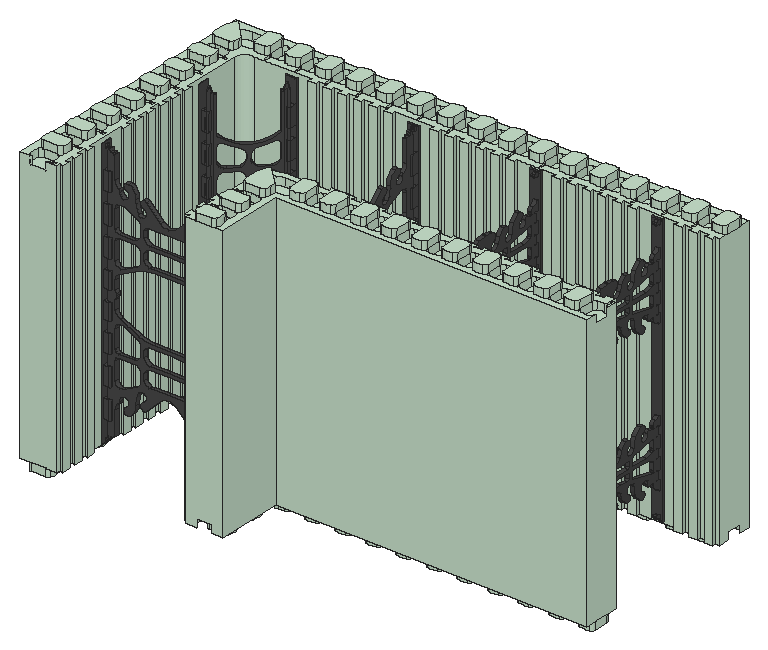
Revit family (continued)
Forms (in)
  Extrusion 50, void
    sketch origin (5, 1, 0) x (-1, 0, 0) y (0, -1, 0)
      loop
        line (-2, -3.97692) -> (-2, -4.89808)
        arc (-2, -4.89808) -> (-1.95215, -5.04517) -> (-1.82692, -5.13595) r 0.25
    from 0 to 0.5
  Extrusion 51, void
    sketch origin (7, 1, 0) x (-1, 0, 0) y (0, -1, 0)
      loop
        arc (-1.82692, -5.13595) -> (-1.5, -5.1875) -> (-1.17308, -5.13595) r 1.0625
        arc (-1.17308, -5.13595) -> (-1.04785, -5.04517) -> (-1, -4.89808) r 0.25
        line (-1, -4.89808) -> (-1, -3.97692)
        arc (-1, -3.97692) -> (-1.04785, -3.82983) -> (-1.17308, -3.73905) r 0.25
        arc (-1.17308, -3.73905) -> (-1.42092, -3.69045) -> (-1.67323, -3.70172) r 1.0625
        arc (-1.67323, -3.70172) -> (-1.72385, -3.68771) -> (-1.74592, -3.64005) r 0.0625
        line (-1.74592, -3.64005) -> (-1.74592, -3.41845) -> (-1.91675, -3.41845) -> (-1.91675, -3.76455)
        arc (-1.91675, -3.76455) -> (-1.92106, -3.78736) -> (-1.9334, -3.80702) r 0.0625
        arc (-1.9334, -3.80702) -> (-1.98276, -3.88568) -> (-2, -3.97692) r 0.25
        line (-2, -3.97692) -> (-2, -4.89808)
        arc (-2, -4.89808) -> (-1.95215, -5.04517) -> (-1.82692, -5.13595) r 0.25
    from 0 to 0.5
  Extrusion 52, void
    sketch origin (9, 1, 0) x (-1, 0, 0) y (0, -1, 0)
      loop
        arc (-1.82692, -5.13595) -> (-1.5, -5.1875) -> (-1.17308, -5.13595) r 1.0625
        arc (-1.17308, -5.13595) -> (-1.04785, -5.04517) -> (-1, -4.89808) r 0.25
        line (-1, -4.89808) -> (-1, -3.97692)
        arc (-1, -3.97692) -> (-1.04785, -3.82983) -> (-1.17308, -3.73905) r 0.25
        arc (-1.17308, -3.73905) -> (-1.42092, -3.69045) -> (-1.67323, -3.70172) r 1.0625
        arc (-1.67323, -3.70172) -> (-1.72385, -3.68771) -> (-1.74592, -3.64005) r 0.0625
        line (-1.74592, -3.64005) -> (-1.74592, -3.41845) -> (-1.91675, -3.41845) -> (-1.91675, -3.76455)
        arc (-1.91675, -3.76455) -> (-1.92106, -3.78736) -> (-1.9334, -3.80702) r 0.0625
        arc (-1.9334, -3.80702) -> (-1.98276, -3.88568) -> (-2, -3.97692) r 0.25
        line (-2, -3.97692) -> (-2, -4.89808)
        arc (-2, -4.89808) -> (-1.95215, -5.04517) -> (-1.82692, -5.13595) r 0.25
    from 0 to 0.5
  Extrusion 53, void
    sketch origin (11, 1, 0) x (-1, 0, 0) y (0, -1, 0)
      loop
        arc (-1.82692, -5.13595) -> (-1.5, -5.1875) -> (-1.17308, -5.13595) r 1.0625
        arc (-1.17308, -5.13595) -> (-1.04785, -5.04517) -> (-1, -4.89808) r 0.25
        line (-1, -4.89808) -> (-1, -3.97692)
        arc (-1, -3.97692) -> (-1.04785, -3.82983) -> (-1.17308, -3.73905) r 0.25
        arc (-1.17308, -3.73905) -> (-1.42092, -3.69045) -> (-1.67323, -3.70172) r 1.0625
        arc (-1.67323, -3.70172) -> (-1.72385, -3.68771) -> (-1.74592, -3.64005) r 0.0625
        line (-1.74592, -3.64005) -> (-1.74592, -3.41845) -> (-1.91675, -3.41845) -> (-1.91675, -3.76455)
        arc (-1.91675, -3.76455) -> (-1.92106, -3.78736) -> (-1.9334, -3.80702) r 0.0625
        arc (-1.9334, -3.80702) -> (-1.98276, -3.88568) -> (-2, -3.97692) r 0.25
        line (-2, -3.97692) -> (-2, -4.89808)
        arc (-2, -4.89808) -> (-1.95215, -5.04517) -> (-1.82692, -5.13595) r 0.25
    from 0 to 0.5
  Extrusion 54, void
    sketch origin (13, 1, 0) x (-1, 0, 0) y (0, -1, 0)
      loop
        arc (-1.82692, -5.13595) -> (-1.5, -5.1875) -> (-1.17308, -5.13595) r 1.0625
        arc (-1.17308, -5.13595) -> (-1.04785, -5.04517) -> (-1, -4.89808) r 0.25
        line (-1, -4.89808) -> (-1, -3.97692)
        arc (-1, -3.97692) -> (-1.04785, -3.82983) -> (-1.17308, -3.73905) r 0.25
        arc (-1.17308, -3.73905) -> (-1.42092, -3.69045) -> (-1.67323, -3.70172) r 1.0625
        arc (-1.67323, -3.70172) -> (-1.72385, -3.68771) -> (-1.74592, -3.64005) r 0.0625
        line (-1.74592, -3.64005) -> (-1.74592, -3.41845) -> (-1.91675, -3.41845) -> (-1.91675, -3.76455)
        arc (-1.91675, -3.76455) -> (-1.92106, -3.78736) -> (-1.9334, -3.80702) r 0.0625
        arc (-1.9334, -3.80702) -> (-1.98276, -3.88568) -> (-2, -3.97692) r 0.25
        line (-2, -3.97692) -> (-2, -4.89808)
        arc (-2, -4.89808) -> (-1.95215, -5.04517) -> (-1.82692, -5.13595) r 0.25
    from 0 to 0.5
  Extrusion 55, void
    sketch origin (15, 1, 0) x (-1, 0, 0) y (0, -1, 0)
      loop
        arc (-1.82692, -5.13595) -> (-1.5, -5.1875) -> (-1.17308, -5.13595) r 1.0625
        arc (-1.17308, -5.13595) -> (-1.04785, -5.04517) -> (-1, -4.89808) r 0.25
        line (-1, -4.89808) -> (-1, -3.97692)
        arc (-1, -3.97692) -> (-1.04785, -3.82983) -> (-1.17308, -3.73905) r 0.25
        arc (-1.17308, -3.73905) -> (-1.42092, -3.69045) -> (-1.67323, -3.70172) r 1.0625
        arc (-1.67323, -3.70172) -> (-1.72385, -3.68771) -> (-1.74592, -3.64005) r 0.0625
        line (-1.74592, -3.64005) -> (-1.74592, -3.41845) -> (-1.91675, -3.41845) -> (-1.91675, -3.76455)
        arc (-1.91675, -3.76455) -> (-1.92106, -3.78736) -> (-1.9334, -3.80702) r 0.0625
        arc (-1.9334, -3.80702) -> (-1.98276, -3.88568) -> (-2, -3.97692) r 0.25
        line (-2, -3.97692) -> (-2, -4.89808)
        arc (-2, -4.89808) -> (-1.95215, -5.04517) -> (-1.82692, -5.13595) r 0.25
    from 0 to 0.5
  Extrusion 56, void
    sketch origin (17, 1, 0) x (-1, 0, 0) y (0, -1, 0)
      loop
        arc (-1.82692, -5.13595) -> (-1.5, -5.1875) -> (-1.17308, -5.13595) r 1.0625
        arc (-1.17308, -5.13595) -> (-1.04785, -5.04517) -> (-1, -4.89808) r 0.25
        line (-1, -4.89808) -> (-1, -3.97692)
        arc (-1, -3.97692) -> (-1.04785, -3.82983) -> (-1.17308, -3.73905) r 0.25
        arc (-1.17308, -3.73905) -> (-1.42092, -3.69045) -> (-1.67323, -3.70172) r 1.0625
        arc (-1.67323, -3.70172) -> (-1.72385, -3.68771) -> (-1.74592, -3.64005) r 0.0625
        line (-1.74592, -3.64005) -> (-1.74592, -3.41845) -> (-1.91675, -3.41845) -> (-1.91675, -3.76455)
        arc (-1.91675, -3.76455) -> (-1.92106, -3.78736) -> (-1.9334, -3.80702) r 0.0625
        arc (-1.9334, -3.80702) -> (-1.98276, -3.88568) -> (-2, -3.97692) r 0.25
        line (-2, -3.97692) -> (-2, -4.89808)
        arc (-2, -4.89808) -> (-1.95215, -5.04517) -> (-1.82692, -5.13595) r 0.25
    from 0 to 0.5
  Extrusion 57, void
    sketch origin (19, 1, 0) x (-1, 0, 0) y (0, -1, 0)
      loop
        arc (-1.82692, -5.13595) -> (-1.5, -5.1875) -> (-1.17308, -5.13595) r 1.0625
        arc (-1.17308, -5.13595) -> (-1.04785, -5.04517) -> (-1, -4.89808) r 0.25
        line (-1, -4.89808) -> (-1, -3.97692)
        arc (-1, -3.97692) -> (-1.04785, -3.82983) -> (-1.17308, -3.73905) r 0.25
        arc (-1.17308, -3.73905) -> (-1.42092, -3.69045) -> (-1.67323, -3.70172) r 1.0625
        arc (-1.67323, -3.70172) -> (-1.72385, -3.68771) -> (-1.74592, -3.64005) r 0.0625
        line (-1.74592, -3.64005) -> (-1.74592, -3.41845) -> (-1.91675, -3.41845) -> (-1.91675, -3.76455)
        arc (-1.91675, -3.76455) -> (-1.92106, -3.78736) -> (-1.9334, -3.80702) r 0.0625
        arc (-1.9334, -3.80702) -> (-1.98276, -3.88568) -> (-2, -3.97692) r 0.25
        line (-2, -3.97692) -> (-2, -4.89808)
        arc (-2, -4.89808) -> (-1.95215, -5.04517) -> (-1.82692, -5.13595) r 0.25
    from 0 to 0.5
  Extrusion 58, void
    sketch origin (21, 1, 0) x (-1, 0, 0) y (0, -1, 0)
      loop
        arc (-1.82692, -5.13595) -> (-1.5, -5.1875) -> (-1.17308, -5.13595) r 1.0625
        arc (-1.17308, -5.13595) -> (-1.04785, -5.04517) -> (-1, -4.89808) r 0.25
        line (-1, -4.89808) -> (-1, -3.97692)
        arc (-1, -3.97692) -> (-1.04785, -3.82983) -> (-1.17308, -3.73905) r 0.25
        arc (-1.17308, -3.73905) -> (-1.42092, -3.69045) -> (-1.67323, -3.70172) r 1.0625
        arc (-1.67323, -3.70172) -> (-1.72385, -3.68771) -> (-1.74592, -3.64005) r 0.0625
        line (-1.74592, -3.64005) -> (-1.74592, -3.41845) -> (-1.91675, -3.41845) -> (-1.91675, -3.76455)
        arc (-1.91675, -3.76455) -> (-1.92106, -3.78736) -> (-1.9334, -3.80702) r 0.0625
        arc (-1.9334, -3.80702) -> (-1.98276, -3.88568) -> (-2, -3.97692) r 0.25
        line (-2, -3.97692) -> (-2, -4.89808)
        arc (-2, -4.89808) -> (-1.95215, -5.04517) -> (-1.82692, -5.13595) r 0.25
    from 0 to 0.5
  Extrusion 59, void
    sketch origin (23, 1, 0) x (-1, 0, 0) y (0, -1, 0)
      loop
        arc (-1.82692, -5.13595) -> (-1.5, -5.1875) -> (-1.17308, -5.13595) r 1.0625
        arc (-1.17308, -5.13595) -> (-1.04785, -5.04517) -> (-1, -4.89808) r 0.25
        line (-1, -4.89808) -> (-1, -3.97692)
        arc (-1, -3.97692) -> (-1.04785, -3.82983) -> (-1.17308, -3.73905) r 0.25
        arc (-1.17308, -3.73905) -> (-1.42092, -3.69045) -> (-1.67323, -3.70172) r 1.0625
        arc (-1.67323, -3.70172) -> (-1.72385, -3.68771) -> (-1.74592, -3.64005) r 0.0625
        line (-1.74592, -3.64005) -> (-1.74592, -3.41845) -> (-1.91675, -3.41845) -> (-1.91675, -3.76455)
        arc (-1.91675, -3.76455) -> (-1.92106, -3.78736) -> (-1.9334, -3.80702) r 0.0625
        arc (-1.9334, -3.80702) -> (-1.98276, -3.88568) -> (-2, -3.97692) r 0.25
        line (-2, -3.97692) -> (-2, -4.89808)
        arc (-2, -4.89808) -> (-1.95215, -5.04517) -> (-1.82692, -5.13595) r 0.25
    from 0 to 0.5
  Extrusion 60, void
    sketch origin (1, -19, 0) x (1, 0, 0) y (0, 1, 0)
      loop
        arc (3.97692, 9) -> (3.82983, 8.95215) -> (3.73905, 8.82692) r 0.25
        arc (3.73905, 8.82692) -> (3.69045, 8.57908) -> (3.70172, 8.32677) r 1.0625
        arc (3.70172, 8.32677) -> (3.68771, 8.27615) -> (3.64005, 8.25408) r 0.0625
        line (3.64005, 8.25408) -> (3.41845, 8.25408) -> (3.41845, 8.08325) -> (3.76455, 8.08325)
        arc (3.76455, 8.08325) -> (3.78736, 8.07894) -> (3.80702, 8.0666) r 0.0625
        arc (3.80702, 8.0666) -> (3.88568, 8.01724) -> (3.97692, 8) r 0.25
        line (3.97692, 8) -> (4.89808, 8)
        arc (4.89808, 8) -> (5.04517, 8.04785) -> (5.13595, 8.17308) r 0.25
        arc (5.13595, 8.17308) -> (5.1875, 8.5) -> (5.13595, 8.82692) r 1.0625
        arc (5.13595, 8.82692) -> (5.04517, 8.95215) -> (4.89808, 9) r 0.25
        line (4.89808, 9) -> (3.97692, 9)
    from 0 to 0.5
  Extrusion 61, void
    sketch origin (1, -17, 0) x (1, 0, 0) y (0, 1, 0)
      loop
        arc (3.97692, 9) -> (3.82983, 8.95215) -> (3.73905, 8.82692) r 0.25
        arc (3.73905, 8.82692) -> (3.69045, 8.57908) -> (3.70172, 8.32677) r 1.0625
        arc (3.70172, 8.32677) -> (3.68771, 8.27615) -> (3.64005, 8.25408) r 0.0625
        line (3.64005, 8.25408) -> (3.41845, 8.25408) -> (3.41845, 8.08325) -> (3.76455, 8.08325)
        arc (3.76455, 8.08325) -> (3.78736, 8.07894) -> (3.80702, 8.0666) r 0.0625
        arc (3.80702, 8.0666) -> (3.88568, 8.01724) -> (3.97692, 8) r 0.25
        line (3.97692, 8) -> (4.89808, 8)
        arc (4.89808, 8) -> (5.04517, 8.04785) -> (5.13595, 8.17308) r 0.25
        arc (5.13595, 8.17308) -> (5.1875, 8.5) -> (5.13595, 8.82692) r 1.0625
        arc (5.13595, 8.82692) -> (5.04517, 8.95215) -> (4.89808, 9) r 0.25
        line (4.89808, 9) -> (3.97692, 9)
    from 0 to 0.5
  Extrusion 62, void
    sketch origin (1, -1, 0) x (0, -1, 0) y (1, 0, 0)
      loop
        line (4.6875, 3.6875) -> (5.5, 3.6875)
        arc (5.5, 3.6875) -> (5.58691, 3.69106) -> (5.67323, 3.70172) r 1.0625
        arc (5.67323, 3.70172) -> (5.72385, 3.68771) -> (5.74592, 3.64005) r 0.0625
        line (5.74592, 3.64005) -> (5.74592, 3.41845) -> (5.91675, 3.41845) -> (5.91675, 3.76455)
        arc (5.91675, 3.76455) -> (5.92106, 3.78736) -> (5.9334, 3.80702) r 0.0625
        arc (5.9334, 3.80702) -> (5.98276, 3.88568) -> (6, 3.97692) r 0.25
        line (6, 3.97692) -> (6, 4.89808)
        arc (6, 4.89808) -> (5.95215, 5.04517) -> (5.82692, 5.13595) r 0.25
        arc (5.82692, 5.13595) -> (5.66548, 5.17453) -> (5.5, 5.1875) r 1.0625
        line (5.5, 5.1875) -> (5.1875, 5.1875) -> (3.98039, 3.98039)
        arc (3.98039, 3.98039) -> (4.30482, 3.76362) -> (4.6875, 3.6875) r 1
    from 0 to 0.5
  Extrusion 63, void
    sketch origin (15, -1, 0) x (-1, 0, 0) y (0, -1, 0)
      loop
        arc (7, 3.97692) -> (7.04785, 3.82983) -> (7.17308, 3.73905) r 0.25
        arc (7.17308, 3.73905) -> (7.42092, 3.69045) -> (7.67323, 3.70172) r 1.0625
        arc (7.67323, 3.70172) -> (7.72385, 3.68771) -> (7.74592, 3.64005) r 0.0625
        line (7.74592, 3.64005) -> (7.74592, 3.41845) -> (7.91675, 3.41845) -> (7.91675, 3.76455)
        arc (7.91675, 3.76455) -> (7.92106, 3.78736) -> (7.9334, 3.80702) r 0.0625
        arc (7.9334, 3.80702) -> (7.98276, 3.88568) -> (8, 3.97692) r 0.25
        line (8, 3.97692) -> (8, 4.89808)
        arc (8, 4.89808) -> (7.95215, 5.04517) -> (7.82692, 5.13595) r 0.25
        arc (7.82692, 5.13595) -> (7.5, 5.1875) -> (7.17308, 5.13595) r 1.0625
        arc (7.17308, 5.13595) -> (7.04785, 5.04517) -> (7, 4.89808) r 0.25
        line (7, 4.89808) -> (7, 3.97692)
    from 0 to 0.5
  Extrusion 64, void
    sketch origin (17, -1, 0) x (-1, 0, 0) y (0, -1, 0)
      loop
        arc (7, 3.97692) -> (7.04785, 3.82983) -> (7.17308, 3.73905) r 0.25
        arc (7.17308, 3.73905) -> (7.42092, 3.69045) -> (7.67323, 3.70172) r 1.0625
        arc (7.67323, 3.70172) -> (7.72385, 3.68771) -> (7.74592, 3.64005) r 0.0625
        line (7.74592, 3.64005) -> (7.74592, 3.41845) -> (7.91675, 3.41845) -> (7.91675, 3.76455)
        arc (7.91675, 3.76455) -> (7.92106, 3.78736) -> (7.9334, 3.80702) r 0.0625
        arc (7.9334, 3.80702) -> (7.98276, 3.88568) -> (8, 3.97692) r 0.25
        line (8, 3.97692) -> (8, 4.89808)
        arc (8, 4.89808) -> (7.95215, 5.04517) -> (7.82692, 5.13595) r 0.25
        arc (7.82692, 5.13595) -> (7.5, 5.1875) -> (7.17308, 5.13595) r 1.0625
        arc (7.17308, 5.13595) -> (7.04785, 5.04517) -> (7, 4.89808) r 0.25
        line (7, 4.89808) -> (7, 3.97692)
    from 0 to 0.5
  Extrusion 65, void
    sketch origin (19, -1, 0) x (-1, 0, 0) y (0, -1, 0)
      loop
        arc (7, 3.97692) -> (7.04785, 3.82983) -> (7.17308, 3.73905) r 0.25
        arc (7.17308, 3.73905) -> (7.42092, 3.69045) -> (7.67323, 3.70172) r 1.0625
        arc (7.67323, 3.70172) -> (7.72385, 3.68771) -> (7.74592, 3.64005) r 0.0625
        line (7.74592, 3.64005) -> (7.74592, 3.41845) -> (7.91675, 3.41845) -> (7.91675, 3.76455)
        arc (7.91675, 3.76455) -> (7.92106, 3.78736) -> (7.9334, 3.80702) r 0.0625
        arc (7.9334, 3.80702) -> (7.98276, 3.88568) -> (8, 3.97692) r 0.25
        line (8, 3.97692) -> (8, 4.89808)
        arc (8, 4.89808) -> (7.95215, 5.04517) -> (7.82692, 5.13595) r 0.25
        arc (7.82692, 5.13595) -> (7.5, 5.1875) -> (7.17308, 5.13595) r 1.0625
        arc (7.17308, 5.13595) -> (7.04785, 5.04517) -> (7, 4.89808) r 0.25
        line (7, 4.89808) -> (7, 3.97692)
    from 0 to 0.5
  Extrusion 66, void
    sketch origin (21, -1, 0) x (-1, 0, 0) y (0, -1, 0)
      loop
        arc (7, 3.97692) -> (7.04785, 3.82983) -> (7.17308, 3.73905) r 0.25
        arc (7.17308, 3.73905) -> (7.42092, 3.69045) -> (7.67323, 3.70172) r 1.0625
        arc (7.67323, 3.70172) -> (7.72385, 3.68771) -> (7.74592, 3.64005) r 0.0625
        line (7.74592, 3.64005) -> (7.74592, 3.41845) -> (7.91675, 3.41845) -> (7.91675, 3.76455)
        arc (7.91675, 3.76455) -> (7.92106, 3.78736) -> (7.9334, 3.80702) r 0.0625
        arc (7.9334, 3.80702) -> (7.98276, 3.88568) -> (8, 3.97692) r 0.25
        line (8, 3.97692) -> (8, 4.89808)
        arc (8, 4.89808) -> (7.95215, 5.04517) -> (7.82692, 5.13595) r 0.25
        arc (7.82692, 5.13595) -> (7.5, 5.1875) -> (7.17308, 5.13595) r 1.0625
        arc (7.17308, 5.13595) -> (7.04785, 5.04517) -> (7, 4.89808) r 0.25
        line (7, 4.89808) -> (7, 3.97692)
    from 0 to 0.5
  Extrusion 67, void
    sketch origin (23, -1, 0) x (-1, 0, 0) y (0, -1, 0)
      loop
        arc (7, 3.97692) -> (7.04785, 3.82983) -> (7.17308, 3.73905) r 0.25
        arc (7.17308, 3.73905) -> (7.42092, 3.69045) -> (7.67323, 3.70172) r 1.0625
        arc (7.67323, 3.70172) -> (7.72385, 3.68771) -> (7.74592, 3.64005) r 0.0625
        line (7.74592, 3.64005) -> (7.74592, 3.41845) -> (7.91675, 3.41845) -> (7.91675, 3.76455)
        arc (7.91675, 3.76455) -> (7.92106, 3.78736) -> (7.9334, 3.80702) r 0.0625
        arc (7.9334, 3.80702) -> (7.98276, 3.88568) -> (8, 3.97692) r 0.25
        line (8, 3.97692) -> (8, 4.89808)
        arc (8, 4.89808) -> (7.95215, 5.04517) -> (7.82692, 5.13595) r 0.25
        arc (7.82692, 5.13595) -> (7.5, 5.1875) -> (7.17308, 5.13595) r 1.0625
        arc (7.17308, 5.13595) -> (7.04785, 5.04517) -> (7, 4.89808) r 0.25
        line (7, 4.89808) -> (7, 3.97692)
    from 0 to 0.5
  Extrusion 68, void
    sketch origin (25, -1, 0) x (-1, 0, 0) y (0, -1, 0)
      loop
        arc (7, 3.97692) -> (7.04785, 3.82983) -> (7.17308, 3.73905) r 0.25
        arc (7.17308, 3.73905) -> (7.42092, 3.69045) -> (7.67323, 3.70172) r 1.0625
        arc (7.67323, 3.70172) -> (7.72385, 3.68771) -> (7.74592, 3.64005) r 0.0625
        line (7.74592, 3.64005) -> (7.74592, 3.41845) -> (7.91675, 3.41845) -> (7.91675, 3.76455)
        arc (7.91675, 3.76455) -> (7.92106, 3.78736) -> (7.9334, 3.80702) r 0.0625
        arc (7.9334, 3.80702) -> (7.98276, 3.88568) -> (8, 3.97692) r 0.25
        line (8, 3.97692) -> (8, 4.89808)
        arc (8, 4.89808) -> (7.95215, 5.04517) -> (7.82692, 5.13595) r 0.25
        arc (7.82692, 5.13595) -> (7.5, 5.1875) -> (7.17308, 5.13595) r 1.0625
        arc (7.17308, 5.13595) -> (7.04785, 5.04517) -> (7, 4.89808) r 0.25
        line (7, 4.89808) -> (7, 3.97692)
    from 0 to 0.5
  Extrusion 69, void
    sketch origin (27, -1, 0) x (-1, 0, 0) y (0, -1, 0)
      loop
        arc (7, 3.97692) -> (7.04785, 3.82983) -> (7.17308, 3.73905) r 0.25
        arc (7.17308, 3.73905) -> (7.42092, 3.69045) -> (7.67323, 3.70172) r 1.0625
        arc (7.67323, 3.70172) -> (7.72385, 3.68771) -> (7.74592, 3.64005) r 0.0625
        line (7.74592, 3.64005) -> (7.74592, 3.41845) -> (7.91675, 3.41845) -> (7.91675, 3.76455)
        arc (7.91675, 3.76455) -> (7.92106, 3.78736) -> (7.9334, 3.80702) r 0.0625
        arc (7.9334, 3.80702) -> (7.98276, 3.88568) -> (8, 3.97692) r 0.25
        line (8, 3.97692) -> (8, 4.89808)
        arc (8, 4.89808) -> (7.95215, 5.04517) -> (7.82692, 5.13595) r 0.25
        arc (7.82692, 5.13595) -> (7.5, 5.1875) -> (7.17308, 5.13595) r 1.0625
        arc (7.17308, 5.13595) -> (7.04785, 5.04517) -> (7, 4.89808) r 0.25
        line (7, 4.89808) -> (7, 3.97692)
    from 0 to 0.5
  Extrusion 70, void
    sketch origin (29, -1, 0) x (-1, 0, 0) y (0, -1, 0)
      loop
        arc (7, 3.97692) -> (7.04785, 3.82983) -> (7.17308, 3.73905) r 0.25
        arc (7.17308, 3.73905) -> (7.42092, 3.69045) -> (7.67323, 3.70172) r 1.0625
        arc (7.67323, 3.70172) -> (7.72385, 3.68771) -> (7.74592, 3.64005) r 0.0625
        line (7.74592, 3.64005) -> (7.74592, 3.41845) -> (7.91675, 3.41845) -> (7.91675, 3.76455)
        arc (7.91675, 3.76455) -> (7.92106, 3.78736) -> (7.9334, 3.80702) r 0.0625
        arc (7.9334, 3.80702) -> (7.98276, 3.88568) -> (8, 3.97692) r 0.25
        line (8, 3.97692) -> (8, 4.89808)
        arc (8, 4.89808) -> (7.95215, 5.04517) -> (7.82692, 5.13595) r 0.25
        arc (7.82692, 5.13595) -> (7.5, 5.1875) -> (7.17308, 5.13595) r 1.0625
        arc (7.17308, 5.13595) -> (7.04785, 5.04517) -> (7, 4.89808) r 0.25
        line (7, 4.89808) -> (7, 3.97692)
    from 0 to 0.5
  Extrusion 71, void
    sketch origin (31, -1, 0) x (-1, 0, 0) y (0, -1, 0)
      loop
        arc (7, 3.97692) -> (7.04785, 3.82983) -> (7.17308, 3.73905) r 0.25
        arc (7.17308, 3.73905) -> (7.42092, 3.69045) -> (7.67323, 3.70172) r 1.0625
        arc (7.67323, 3.70172) -> (7.72385, 3.68771) -> (7.74592, 3.64005) r 0.0625
        line (7.74592, 3.64005) -> (7.74592, 3.41845) -> (7.91675, 3.41845) -> (7.91675, 3.76455)
        arc (7.91675, 3.76455) -> (7.92106, 3.78736) -> (7.9334, 3.80702) r 0.0625
        arc (7.9334, 3.80702) -> (7.98276, 3.88568) -> (8, 3.97692) r 0.25
        line (8, 3.97692) -> (8, 4.89808)
        arc (8, 4.89808) -> (7.95215, 5.04517) -> (7.82692, 5.13595) r 0.25
        arc (7.82692, 5.13595) -> (7.5, 5.1875) -> (7.17308, 5.13595) r 1.0625
        arc (7.17308, 5.13595) -> (7.04785, 5.04517) -> (7, 4.89808) r 0.25
        line (7, 4.89808) -> (7, 3.97692)
    from 0 to 0.5
  Extrusion 72, void
    sketch origin (33, -1, 0) x (-1, 0, 0) y (0, -1, 0)
      loop
        arc (7, 3.97692) -> (7.04785, 3.82983) -> (7.17308, 3.73905) r 0.25
        arc (7.17308, 3.73905) -> (7.42092, 3.69045) -> (7.67323, 3.70172) r 1.0625
        arc (7.67323, 3.70172) -> (7.72385, 3.68771) -> (7.74592, 3.64005) r 0.0625
        line (7.74592, 3.64005) -> (7.74592, 3.41845) -> (7.91675, 3.41845) -> (7.91675, 3.76455)
        arc (7.91675, 3.76455) -> (7.92106, 3.78736) -> (7.9334, 3.80702) r 0.0625
        arc (7.9334, 3.80702) -> (7.98276, 3.88568) -> (8, 3.97692) r 0.25
        line (8, 3.97692) -> (8, 4.89808)
        arc (8, 4.89808) -> (7.95215, 5.04517) -> (7.82692, 5.13595) r 0.25
        arc (7.82692, 5.13595) -> (7.5, 5.1875) -> (7.17308, 5.13595) r 1.0625
        arc (7.17308, 5.13595) -> (7.04785, 5.04517) -> (7, 4.89808) r 0.25
        line (7, 4.89808) -> (7, 3.97692)
    from 0 to 0.5
  Extrusion 73, void
    sketch origin (-1, 1, 0) x (1, 0, 0) y (0, 1, 0)
      loop
        line (-3.6875, 3.6875) -> (-4.89461, 4.89461)
        arc (-4.89461, 4.89461) -> (-5.11138, 4.57018) -> (-5.1875, 4.1875) r 1
        line (-5.1875, 4.1875) -> (-5.1875, 3.5)
        arc (-5.1875, 3.5) -> (-5.17453, 3.33452) -> (-5.13595, 3.17308) r 1.0625
        arc (-5.13595, 3.17308) -> (-5.04517, 3.04785) -> (-4.89808, 3) r 0.25
        line (-4.89808, 3) -> (-3.97692, 3)
        arc (-3.97692, 3) -> (-3.82983, 3.04785) -> (-3.73905, 3.17308) r 0.25
        arc (-3.73905, 3.17308) -> (-3.70047, 3.33452) -> (-3.6875, 3.5) r 1.0625
        line (-3.6875, 3.5) -> (-3.6875, 3.6875)
    from 0 to 0.5
  Extrusion 74, solid, material "NUDURA Expanded Polystyrene Foam Insulation"
    sketch origin (1, -1, 0) x (1, 0, 0) y (0, 1, 0)
      loop
        line (5.1875, -5.1875) -> (5.5, -5.1875)
        arc (5.5, -5.1875) -> (5.66548, -5.17453) -> (5.82692, -5.13595) r 1.0625
        arc (5.82692, -5.13595) -> (5.95215, -5.04517) -> (6, -4.89808) r 0.25
        line (6, -4.89808) -> (6, -3.97692)
        arc (6, -3.97692) -> (5.98276, -3.88568) -> (5.9334, -3.80702) r 0.25
        arc (5.9334, -3.80702) -> (5.88453, -3.7662) -> (5.82692, -3.73905) r 0.25
        arc (5.82692, -3.73905) -> (5.75077, -3.71752) -> (5.67323, -3.70172) r 1.0625
        arc (5.67323, -3.70172) -> (5.58691, -3.69106) -> (5.5, -3.6875) r 1.0625
        line (5.5, -3.6875) -> (4.6875, -3.6875)
        arc (4.6875, -3.6875) -> (4.30482, -3.76362) -> (3.98039, -3.98039) r 1
        line (3.98039, -3.98039) -> (5.1875, -5.1875)
    from 0 to -0.5
  Extrusion 75, solid, material "NUDURA Expanded Polystyrene Foam Insulation"
    sketch origin (-1, 1, 0) x (1, 0, 0) y (0, 1, 0)
      loop
        arc (-4.1875, 5.1875) -> (-4.57018, 5.11138) -> (-4.89461, 4.89461) r 1
        line (-4.89461, 4.89461) -> (-3.6875, 3.6875) -> (-3.5, 3.6875)
        arc (-3.5, 3.6875) -> (-3.33452, 3.70047) -> (-3.17308, 3.73905) r 1.0625
        arc (-3.17308, 3.73905) -> (-3.04785, 3.82983) -> (-3, 3.97692) r 0.25
        line (-3, 3.97692) -> (-3, 4.89808)
        arc (-3, 4.89808) -> (-3.04785, 5.04517) -> (-3.17308, 5.13595) r 0.25
        arc (-3.17308, 5.13595) -> (-3.33452, 5.17453) -> (-3.5, 5.1875) r 1.0625
        line (-3.5, 5.1875) -> (-4.1875, 5.1875)
    from 0 to -0.5
  Extrusion 76, void
    sketch origin (-1, -1, 0) x (1, 0, 0) y (0, 1, 0)
      loop
        arc (-5.13595, -9.82692) -> (-5.04517, -9.95215) -> (-4.89808, -10) r 0.25
        line (-4.89808, -10) -> (-3.97692, -10)
        arc (-3.97692, -10) -> (-3.88568, -9.98276) -> (-3.80702, -9.9334) r 0.25
        arc (-3.80702, -9.9334) -> (-3.78736, -9.92106) -> (-3.76455, -9.91675) r 0.0625
        line (-3.76455, -9.91675) -> (-3.41845, -9.91675) -> (-3.41845, -9.74592) -> (-3.64005, -9.74592)
        arc (-3.64005, -9.74592) -> (-3.68771, -9.72385) -> (-3.70172, -9.67323) r 0.0625
        arc (-3.70172, -9.67323) -> (-3.69045, -9.42092) -> (-3.73905, -9.17308) r 1.0625
        arc (-3.73905, -9.17308) -> (-3.82983, -9.04785) -> (-3.97692, -9) r 0.25
        line (-3.97692, -9) -> (-4.89808, -9)
        arc (-4.89808, -9) -> (-5.04517, -9.04785) -> (-5.13595, -9.17308) r 0.25
        arc (-5.13595, -9.17308) -> (-5.1875, -9.5) -> (-5.13595, -9.82692) r 1.0625
    from 18 to 17.5
  Extrusion 77, void
    sketch origin (27, 1, 0) x (1, 0, 0) y (0, 1, 0)
      loop
        arc (-1.82692, 5.13595) -> (-1.95215, 5.04517) -> (-2, 4.89808) r 0.25
        line (-2, 4.89808) -> (-2, 3.97692)
        arc (-2, 3.97692) -> (-1.98276, 3.88568) -> (-1.9334, 3.80702) r 0.25
        arc (-1.9334, 3.80702) -> (-1.92106, 3.78736) -> (-1.91675, 3.76455) r 0.0625
        line (-1.91675, 3.76455) -> (-1.91675, 3.41845) -> (-1.74592, 3.41845) -> (-1.74592, 3.64005)
        arc (-1.74592, 3.64005) -> (-1.72385, 3.68771) -> (-1.67323, 3.70172) r 0.0625
        arc (-1.67323, 3.70172) -> (-1.42092, 3.69045) -> (-1.17308, 3.73905) r 1.0625
        arc (-1.17308, 3.73905) -> (-1.04785, 3.82983) -> (-1, 3.97692) r 0.25
        line (-1, 3.97692) -> (-1, 4.89808)
        arc (-1, 4.89808) -> (-1.04785, 5.04517) -> (-1.17308, 5.13595) r 0.25
        arc (-1.17308, 5.13595) -> (-1.5, 5.1875) -> (-1.82692, 5.13595) r 1.0625
    from 18 to 17.5
  Extrusion 78, void
    sketch origin (25, 1, 0) x (-1, 0, 0) y (0, -1, 0)
      loop
        arc (-1.82692, -5.13595) -> (-1.5, -5.1875) -> (-1.17308, -5.13595) r 1.0625
        arc (-1.17308, -5.13595) -> (-1.04785, -5.04517) -> (-1, -4.89808) r 0.25
        line (-1, -4.89808) -> (-1, -3.97692)
        arc (-1, -3.97692) -> (-1.04785, -3.82983) -> (-1.17308, -3.73905) r 0.25
        arc (-1.17308, -3.73905) -> (-1.42092, -3.69045) -> (-1.67323, -3.70172) r 1.0625
        arc (-1.67323, -3.70172) -> (-1.72385, -3.68771) -> (-1.74592, -3.64005) r 0.0625
        line (-1.74592, -3.64005) -> (-1.74592, -3.41845) -> (-1.91675, -3.41845) -> (-1.91675, -3.76455)
        arc (-1.91675, -3.76455) -> (-1.92106, -3.78736) -> (-1.9334, -3.80702) r 0.0625
        arc (-1.9334, -3.80702) -> (-1.98276, -3.88568) -> (-2, -3.97692) r 0.25
        line (-2, -3.97692) -> (-2, -4.89808)
        arc (-2, -4.89808) -> (-1.95215, -5.04517) -> (-1.82692, -5.13595) r 0.25
    from 0 to 0.5
  Extrusion 79, void
    sketch origin (-1, 2.40791, 0) x (1, 0, 0) y (0, 1, 0)
      loop
        arc (-5.13595, -11.58099) -> (-5.1875, -11.90791) -> (-5.13595, -12.23483) r 1.0625
        arc (-5.13595, -12.23483) -> (-5.04517, -12.36006) -> (-4.89808, -12.40791) r 0.25
        line (-4.89808, -12.40791) -> (-3.97692, -12.40791)
        arc (-3.97692, -12.40791) -> (-3.82983, -12.36006) -> (-3.73905, -12.23483) r 0.25
        arc (-3.73905, -12.23483) -> (-3.69045, -11.98699) -> (-3.70172, -11.73468) r 1.0625
        arc (-3.70172, -11.73468) -> (-3.68771, -11.68406) -> (-3.64005, -11.66199) r 0.0625
        line (-3.64005, -11.66199) -> (-3.41845, -11.66199) -> (-3.41845, -11.49116) -> (-3.76455, -11.49116)
        arc (-3.76455, -11.49116) -> (-3.78736, -11.48685) -> (-3.80702, -11.47451) r 0.0625
        arc (-3.80702, -11.47451) -> (-3.88568, -11.42516) -> (-3.97692, -11.40791) r 0.25
        line (-3.97692, -11.40791) -> (-4.89808, -11.40791)
        arc (-4.89808, -11.40791) -> (-5.04517, -11.45576) -> (-5.13595, -11.58099) r 0.25
    from 0 to 0.5
Cuts and joins
  Extrusion 4, Extrusion 5, Extrusion 6, Extrusion 7, Extrusion 8, Extrusion 9, Extrusion 10, Extrusion 11, Extrusion 12, Extrusion 13, Extrusion 14, Extrusion 15, Extrusion 16, Extrusion 17, Extrusion 18, Extrusion 19, Extrusion 20, Extrusion 21, Extrusion 22, Extrusion 23, Extrusion 24, Extrusion 25, Extrusion 26, Extrusion 27, Extrusion 28, Extrusion 29, Extrusion 30, Extrusion 31, Extrusion 32, Extrusion 33, Extrusion 34, Extrusion 35, Extrusion 36, Extrusion 37, Extrusion 38, Extrusion 39, Extrusion 40, Extrusion 41, Extrusion 42, Extrusion 43, Extrusion 44, Extrusion 45, Extrusion 46, Extrusion 47, Extrusion 48, Extrusion 49, Extrusion 50, Extrusion 51, Extrusion 52, Extrusion 53, Extrusion 54, Extrusion 55, Extrusion 56, Extrusion 57, Extrusion 58, Extrusion 59, Extrusion 60, Extrusion 61, Extrusion 62, Extrusion 63, Extrusion 64, Extrusion 65, Extrusion 66, Extrusion 67, Extrusion 68, Extrusion 69, Extrusion 70, Extrusion 71, Extrusion 72, Extrusion 73, Extrusion 76, Extrusion 77, Extrusion 78, Extrusion 79 cuts Extrusion 1
  Extrusion 10, Extrusion 13 cuts Extrusion 3
  Extrusion 14 cuts Extrusion 2
Lines and regions (in)
  model lines
    curve 1: line (-4.625, -2, 18) -> (-4.625, -2, 0)
    curve 2: line (17.9334, 4.625, 18) -> (17.9334, 4.625, 0)
    curve 3: line (2, 4.625, 0) -> (2, 4.625, 18)
    curve 4: line (19.00256, 6.625, 18) -> (19.00256, 6.625, 0)
    curve 5: line (3, 6.625, 18) -> (3, 6.625, 0)
    curve 6: line (-6.625, 5, 18) -> (-6.625, 5, 0)
Dimensions and locks (in)
  locked: plane 4 to plane 5 at 8
  locked: plane 7 to plane 6 at 8
  locked: level to plane 10 at 18
  aligned and locked: plane 10 to Extrusion 1
  aligned and locked: nested 75 to cut or joined group 1 (Extrusion 1, Extrusion 4, Extrusion 5, Extrusion 6, Extrusion 7, Extrusion 8, Extrusion 9, Extrusion 10, Extrusion 11, Extrusion 12, Extrusion 13, Extrusion 14, Extrusion 15, Extrusion 16, Extrusion 17, Extrusion 18, Extrusion 19, Extrusion 20, Extrusion 21, Extrusion 22, Extrusion 23, Extrusion 24, Extrusion 25, Extrusion 26, Extrusion 27, Extrusion 28, Extrusion 29, Extrusion 30, Extrusion 31, Extrusion 32, Extrusion 33, Extrusion 34, Extrusion 35, Extrusion 36, Extrusion 37, Extrusion 38, Extrusion 39, Extrusion 40, Extrusion 41, Extrusion 42, Extrusion 43, Extrusion 44, Extrusion 45, Extrusion 46, Extrusion 47, Extrusion 48, Extrusion 49, Extrusion 50, Extrusion 51, Extrusion 52, Extrusion 53, Extrusion 54, Extrusion 55, Extrusion 56, Extrusion 57, Extrusion 58, Extrusion 59, Extrusion 60, Extrusion 61, Extrusion 62, Extrusion 63, Extrusion 64, Extrusion 65, Extrusion 66, Extrusion 67, Extrusion 68, Extrusion 69, Extrusion 70, Extrusion 71, Extrusion 72, Extrusion 73, Extrusion 76, Extrusion 77, Extrusion 78, Extrusion 79)
  aligned and locked: nested 81 to nested 75
  aligned and locked: cut or joined group 1 to nested 82
  aligned and locked: cut or joined group 1 to nested 84
  aligned and locked: cut or joined group 1 to nested 83
  aligned and locked: nested 85 to cut or joined group 1
Nested families (in)
  nested 1: "Interlock Tooth" at (-1, -7, 0) x (0, -1, 0) z (0, 0, 1), type "Interlock Tooth"
  nested 2: "Interlock Tooth" at (-1, -5, 0) x (0, -1, 0) z (0, 0, 1), type "Interlock Tooth"
  nested 3: "Interlock Tooth" at (-1, -3, 0) x (0, -1, 0) z (0, 0, 1), type "Interlock Tooth"
  nested 4: "Interlock Tooth" at (-1, -1, 0) x (0, -1, 0) z (0, 0, 1), type "Interlock Tooth"
  nested 5: "Interlock Tooth" at (-1, 1, 0) x (0, -1, 0) z (0, 0, 1), type "Interlock Tooth"
  nested 6: "Interlock Tooth" at (-1, 3, 0) x (0, -1, 0) z (0, 0, 1), type "Interlock Tooth"
  nested 7: "Interlock Tooth" at (1, -10, 0) x (0, -1, 0) z (0, 0, 1), type "Interlock Tooth"
  nested 8: "Interlock Tooth" at (1, -8, 0) x (0, -1, 0) z (0, 0, 1), type "Interlock Tooth"
  nested 9: "Interlock Tooth" at (1, -9, -18.5) x (0, -1, 0) z (0, 0, 1), type "Interlock Tooth"
  nested 10: "Interlock Tooth" at (1, -7, -18.5) x (0, -1, 0) z (0, 0, 1), type "Interlock Tooth"
  nested 11: "Interlock Tooth" at (-9.875, -8, -18.5) x (0, -1, 0) z (0, 0, 1), type "Interlock Tooth"
  nested 12: "Interlock Tooth" at (-9.875, -6, -18.5) x (0, -1, 0) z (0, 0, 1), type "Interlock Tooth"
  nested 13: "Interlock Tooth" at (-9.875, -4, -18.5) x (0, -1, 0) z (0, 0, 1), type "Interlock Tooth"
  nested 14: "Interlock Tooth" at (-9.875, -2, -18.5) x (0, -1, 0) z (0, 0, 1), type "Interlock Tooth"
  nested 15: "Interlock Tooth" at (-9.875, 0, -18.5) x (0, -1, 0) z (0, 0, 1), type "Interlock Tooth"
  nested 16: "Interlock Tooth" at (-9.875, 2, -18.5) x (0, -1, 0) z (0, 0, 1), type "Interlock Tooth"
  nested 17: "Interlock Tooth" at (-9.875, 4, -18.5) x (0, -1, 0) z (0, 0, 1), type "Interlock Tooth"
  nested 18: "Interlock Tooth" at (7, -1, 0), type "Interlock Tooth"
  nested 19: "Interlock Tooth" at (9, -1, 0), type "Interlock Tooth"
  nested 20: "Interlock Tooth" at (11, -1, 0), type "Interlock Tooth"
  nested 21: "Interlock Tooth" at (13, -1, 0), type "Interlock Tooth"
  nested 22: "Interlock Tooth" at (15, -1, 0), type "Interlock Tooth"
  nested 23: "Interlock Tooth" at (17, -1, 0), type "Interlock Tooth"
  nested 24: "Interlock Tooth" at (19, -1, 0), type "Interlock Tooth"
  nested 25: "Interlock Tooth" at (21, -1, 0), type "Interlock Tooth"
  nested 26: "Interlock Tooth" at (23, -1, 0), type "Interlock Tooth"
  nested 27: "Interlock Tooth" at (25, -1, 0), type "Interlock Tooth"
  nested 28: "Interlock Tooth" at (-4, 1, 0), type "Interlock Tooth"
  nested 29: "Interlock Tooth" at (-2, 1, 0), type "Interlock Tooth"
  nested 30: "Interlock Tooth" at (0, 1, 0), type "Interlock Tooth"
  nested 31: "Interlock Tooth" at (2, 1, 0), type "Interlock Tooth"
  nested 32: "Interlock Tooth" at (4, 1, 0), type "Interlock Tooth"
  nested 33: "Interlock Tooth" at (6, 1, 0), type "Interlock Tooth"
  nested 34: "Interlock Tooth" at (8, 1, 0), type "Interlock Tooth"
  nested 35: "Interlock Tooth" at (10, 1, 0), type "Interlock Tooth"
  nested 36: "Interlock Tooth" at (12, 1, 0), type "Interlock Tooth"
  nested 37: "Interlock Tooth" at (14, 1, 0), type "Interlock Tooth"
  nested 38: "Interlock Tooth" at (16, 1, 0), type "Interlock Tooth"
  nested 39: "Interlock Tooth" at (18, 1, 0), type "Interlock Tooth"
  nested 40: "Interlock Tooth" at (20, 1, 0), type "Interlock Tooth"
  nested 41: "Interlock Tooth" at (22, 1, 0), type "Interlock Tooth"
  nested 42: "Interlock Tooth" at (24, 1, 0), type "Interlock Tooth"
  nested 43: "Interlock Tooth" at (8, -9.875, -18.5), type "Interlock Tooth"
  nested 44: "Interlock Tooth" at (10, -9.875, -18.5), type "Interlock Tooth"
  nested 45: "Interlock Tooth" at (12, -9.875, -18.5), type "Interlock Tooth"
  nested 46: "Interlock Tooth" at (14, -9.875, -18.5), type "Interlock Tooth"
  nested 47: "Interlock Tooth" at (16, -9.875, -18.5), type "Interlock Tooth"
  nested 48: "Interlock Tooth" at (18, -9.875, -18.5), type "Interlock Tooth"
  nested 49: "Interlock Tooth" at (20, -9.875, -18.5), type "Interlock Tooth"
  nested 50: "Interlock Tooth" at (22, -9.875, -18.5), type "Interlock Tooth"
  nested 51: "Interlock Tooth" at (24, -9.875, -18.5), type "Interlock Tooth"
  nested 52: "Interlock Tooth" at (26, -9.875, -18.5), type "Interlock Tooth"
  nested 53: "Interlock Tooth" at (-3, 1, -18.5), type "Interlock Tooth"
  nested 54: "Interlock Tooth" at (-1, 1, -18.5), type "Interlock Tooth"
  nested 55: "Interlock Tooth" at (1, 1, -18.5), type "Interlock Tooth"
  nested 56: "Interlock Tooth" at (3, 1, -18.5), type "Interlock Tooth"
  nested 57: "Interlock Tooth" at (5, 1, -18.5), type "Interlock Tooth"
  nested 58: "Interlock Tooth" at (7, 1, -18.5), type "Interlock Tooth"
  nested 59: "Interlock Tooth" at (9, 1, -18.5), type "Interlock Tooth"
  nested 60: "Interlock Tooth" at (11, 1, -18.5), type "Interlock Tooth"
  nested 61: "Interlock Tooth" at (13, 1, -18.5), type "Interlock Tooth"
  nested 62: "Interlock Tooth" at (15, 1, -18.5), type "Interlock Tooth"
  nested 63: "Interlock Tooth" at (17, 1, -18.5), type "Interlock Tooth"
  nested 64: "Interlock Tooth" at (19, 1, -18.5), type "Interlock Tooth"
  nested 65: "Interlock Tooth" at (21, 1, -18.5), type "Interlock Tooth"
  nested 66: "Interlock Tooth" at (23, 1, -18.5), type "Interlock Tooth"
  nested 67: "NUDURA Diamond Pattern" at (19, -1, 0), type "NUDURA Diamond Pattern"
  nested 68: "NUDURA Diamond Pattern" at (19, 12.25, 0), type "NUDURA Diamond Pattern"
  nested 69: "NUDURA Diamond Pattern" at (3, 12.25, 0), type "NUDURA Diamond Pattern"
  nested 70: "Capture Lug" at (-1, 1, 0) x (-1, 0, 0) z (0, 0, 1), type "Capture Lugs"
  nested 71: "Capture Lug" at (-1, 1, 0) x (0, -1, 0) z (0, 0, 1), type "Capture Lugs"
  nested 72: "NUDURA Diamond Pattern Missing Two lines" at (1, -11, 0) x (0, 1, 0) z (0, 0, 1), type "NUDURA Diamond Pattern minus Two lines"
  nested 73: "NUDURA Diamond Pattern Missing Left Line" at (3, -1, 0), type "NUDURA Diamond Pattern missing left line"
  nested 74: "NUDURA Logo Diamond" at (3.00256, -6.625, 0), type "NUDURA Logo Diamond"
  nested 75: "NUDURA Logo Diamond" at (-6.625, 4.99744, 0) x (0, -1, 0) z (0, 0, 1), type "NUDURA Logo Diamond"
  nested 76: "NUDURA Logo Diamond" at (27, 6.625, 0) x (-1, 0, 0) z (0, 0, 1), type "NUDURA Logo Diamond"
  nested 77: "Interlock Tooth" at (-1, -9, 0) x (0, -1, 0) z (0, 0, 1), type "Interlock Tooth"
  nested 78: "Interlock Tooth" at (26, 1, 0), type "Interlock Tooth"
  nested 79: "Interlock Tooth" at (25, 1, -18.5), type "Interlock Tooth"
  nested 80: "Interlock Tooth" at (-9.875, -10, -18.5) x (0, -1, 0) z (0, 0, 1), type "Interlock Tooth"
  nested 81: "NUDURA Diamond Pattern" at (-1, 5, 0) x (0, -1, 0) z (0, 0, 1), type "NUDURA Diamond Pattern"
  nested 82: "NUDURA Logo Diamond" at (10.99744, 6.625, 0) x (-1, 0, 0) z (0, 0, 1), type "NUDURA Logo Diamond"
  nested 83: "8-inch Web" at (23, 0, 0), type "8-inch Web"
  nested 84: "8-inch Web" at (15, 0, 0), type "8-inch Web"
  nested 85: "8-inch Insert Web" at (0, -7, 0) x (0, 1, 0) z (0, 0, 1), type "8-inch Insert Web"
  nested 86: "8-inch Insert Web" at (7, 0, 0), type "8-inch Insert Web"
  nested 87: "NUDURA 8-inch Corner Insert Web" at (-2.24653, 2.24653, 0.42234) x (-0.7071, 0.7071, 0) z (0, 0, 1), type "NUDURA 8-inch Corner Insert Web"
Definition of nested family "Interlock Tooth"
  Reference planes (in)
    plane 1 "Center (Front/Back)": y = 0
    plane 2: z = 0
    plane 3 "Center (Left/Right)": x = 0
    plane 4: z = 18
    plane 5: z = 18.5
    plane 6: z = -0.5
  Forms (in)
    Extrusion 1, solid, material "NUDURA Expanded Polystyrene Foam Insulation"
      sketch origin (0, -8.875, 0) x (1, 0, 0) y (0, 1, 0)
        loop
          arc (0, 3.97692) -> (0.04785, 3.82983) -> (0.17308, 3.73905) r 0.25
          arc (0.17308, 3.73905) -> (0.5, 3.6875) -> (0.82692, 3.73905) r 1.0625
          arc (0.82692, 3.73905) -> (0.95215, 3.82983) -> (1, 3.97692) r 0.25
          line (1, 3.97692) -> (1, 4.89808)
          arc (1, 4.89808) -> (0.95215, 5.04517) -> (0.82692, 5.13595) r 0.25
          arc (0.82692, 5.13595) -> (0.5, 5.1875) -> (0.17308, 5.13595) r 1.0625
          arc (0.17308, 5.13595) -> (0.04785, 5.04517) -> (0, 4.89808) r 0.25
          line (0, 4.89808) -> (0, 3.97692)
      from 18 to 18.5
  Dimensions and locks (in)
    locked: plane 4 to level at 18
    locked: plane 4 to plane 5 at 0.5
    locked: plane 6 to level at 0.5
Definition of nested family "Capture Lug"
  Reference planes (in)
    plane 1 "Center (Front/Back)": y = 0
    plane 2: z = 0
    plane 3 "Center (Left/Right)": x = 0
  Forms (in)
    Extrusion 1, solid, material "High Density Polystyrene"
      sketch origin (0, 0, 0) x (0, 1, 0) y (0, 0, 1)
        loop
          arc (-3.25, 0) -> (-3.22112, 0.01975) -> (-3.21, 0.05292) r 0.055
          line (-3.21, 0.05292) -> (-3.21, 17.69292)
          arc (-3.21, 17.69292) -> (-3.22112, 17.72608) -> (-3.25, 17.74583) r 0.055
          line (-3.25, 17.74583) -> (-3.25, 0)
      from 0.36328 to -0.36328
    Extrusion 2, solid, material "High Density Polystyrene"
      sketch origin (0, 0, 0) x (0, 1, 0) y (0, 0, 1)
        loop
          line (-3.21, 16.17792) -> (-3.21, 14.97792) -> (-2.71, 14.97792) -> (-2.71, 16.17792) -> (-3.21, 16.17792)
        loop
          line (-3.21, 14.22792) -> (-3.21, 13.02792) -> (-2.71, 13.02792) -> (-2.71, 14.22792) -> (-3.21, 14.22792)
        loop
          line (-3.21, 12.27792) -> (-3.21, 11.07792) -> (-2.71, 11.07792) -> (-2.71, 12.27792) -> (-3.21, 12.27792)
        loop
          line (-3.21, 10.32792) -> (-3.21, 9.24792) -> (-2.71, 9.24792) -> (-2.71, 10.32792) -> (-3.21, 10.32792)
        loop
          line (-3.21, 8.49792) -> (-3.21, 7.41792) -> (-2.71, 7.41792) -> (-2.71, 8.49792) -> (-3.21, 8.49792)
        loop
          line (-3.21, 6.66792) -> (-3.21, 5.46792) -> (-2.71, 5.46792) -> (-2.71, 6.66792) -> (-3.21, 6.66792)
        loop
          line (-3.21, 4.71792) -> (-3.21, 3.51792) -> (-2.71, 3.51792) -> (-2.71, 4.71792) -> (-3.21, 4.71792)
        loop
          line (-3.21, 2.76792) -> (-3.21, 1.56792) -> (-2.71, 1.56792) -> (-2.71, 2.76792) -> (-3.21, 2.76792)
      from 0.25 to -0.25
    Extrusion 3, void
      sketch origin (0, 0, 0) x (1, 0, 0) y (0, 1, 0)
        loop
          arc (-0.25, -2.79249) -> (-0.22584, -2.73416) -> (-0.1675, -2.71) r 0.0825
          line (-0.1675, -2.71) -> (-0.25, -2.71) -> (-0.25, -2.79249)
      from 0 to 18
    Extrusion 4, void
      sketch origin (0, 0, 0) x (-1, 0, 0) y (0, -1, 0)
        loop
          line (-0.25, 2.79249) -> (-0.25, 2.71) -> (-0.1675, 2.71)
          arc (-0.1675, 2.71) -> (-0.22584, 2.73416) -> (-0.25, 2.79249) r 0.0825
      from 0 to 18
    Extrusion 5, void
      sketch origin (0, 0, 0) x (1, 0, 0) y (0, 1, 0)
        loop
          arc (-0.04687, -2.835) -> (0, -3.07587) -> (0.04688, -2.835) r 0.125
          line (0.04688, -2.835) -> (0.04688, -2.71) -> (-0.04687, -2.71) -> (-0.04687, -2.835)
      from 0 to 18
  Cuts and joins
    Extrusion 3, Extrusion 4 cuts Extrusion 1
    Extrusion 3, Extrusion 4, Extrusion 5 cuts Extrusion 2
Definition of nested family "8-inch Web"
  Reference planes (in)
    plane 1 "Center (Front/Back)": y = 0
    plane 2: z = 0
    plane 3 "Center (Left/Right)": x = 0
  Forms (in)
    Extrusion 1, solid, material "Polypropylene"
      sketch origin (0, 0, -0.5) x (0, 1, 0) y (0, 0, 1)
        loop
          arc (4.185, 0.98503) -> (4.17874, 0.9705) -> (4.16389, 0.96506) r 0.02
          line (4.16389, 0.96506) -> (4.00611, 0.97383)
          arc (4.00611, 0.97383) -> (3.99126, 0.96839) -> (3.985, 0.95386) r 0.02
          line (3.985, 0.95386) -> (3.985, 0.88265)
          arc (3.985, 0.88265) -> (3.98914, 0.86744) -> (4.00043, 0.85643) r 0.03
          line (4.00043, 0.85643) -> (4.16957, 0.76246)
          arc (4.16957, 0.76246) -> (4.18086, 0.75145) -> (4.185, 0.73624) r 0.03
          line (4.185, 0.73624) -> (4.185, 0.98503)
        loop
          line (-4.185, 0.98503) -> (-4.185, 0.73624)
          arc (-4.185, 0.73624) -> (-4.18086, 0.75145) -> (-4.16957, 0.76246) r 0.03
          line (-4.16957, 0.76246) -> (-4.00043, 0.85643)
          arc (-4.00043, 0.85643) -> (-3.98914, 0.86744) -> (-3.985, 0.88265) r 0.03
          line (-3.985, 0.88265) -> (-3.985, 0.95386)
          arc (-3.985, 0.95386) -> (-3.99126, 0.96839) -> (-4.00611, 0.97383) r 0.02
          line (-4.00611, 0.97383) -> (-4.16389, 0.96506)
          arc (-4.16389, 0.96506) -> (-4.17874, 0.9705) -> (-4.185, 0.98503) r 0.02
        loop
          line (4.02082, 15.41943) -> (4.02082, 15.9194) -> (3.91022, 15.9194) -> (3.91022, 15.98943) -> (4.15332, 15.98943)
          arc (4.15332, 15.98943) -> (4.16974, 15.98724) -> (4.185, 15.98081) r 0.0625
          line (4.185, 15.98081) -> (4.185, 16.6537)
          arc (4.185, 16.6537) -> (4.06705, 16.47067) -> (3.88249, 16.35513) r 0.5
          arc (3.88249, 16.35513) -> (3.7617, 16.26377) -> (3.71582, 16.11943) r 0.25
          line (3.71582, 16.11943) -> (3.71582, 16.05193)
          arc (3.71582, 16.05193) -> (3.73413, 16.00774) -> (3.77832, 15.98943) r 0.0625
          line (3.77832, 15.98943) -> (3.83556, 15.98943) -> (3.83556, 15.9194) -> (3.72137, 15.9194)
          arc (3.72137, 15.9194) -> (3.54907, 15.94401) -> (3.38367, 15.9982) r 0.99729
          arc (3.38367, 15.9982) -> (3.28181, 15.9763) -> (3.25886, 15.87467) r 0.09677
          arc (3.25886, 15.87467) -> (2.80729, 15.53425) -> (2.82496, 16.09948) r 0.31353
          arc (2.82496, 16.09948) -> (2.94751, 16.38546) -> (2.66153, 16.50801) r 0.22
          arc (2.66153, 16.50801) -> (2.42388, 16.35527) -> (2.26931, 16.11881) r 0.67666
          arc (2.26931, 16.11881) -> (2.18004, 15.8095) -> (2.13361, 15.49094) r 2.36477
          arc (2.13361, 15.49094) -> (1.64814, 15.24396) -> (1.68267, 15.78755) r 0.31353
          arc (1.68267, 15.78755) -> (1.7612, 16.07491) -> (1.47916, 16.17081) r 0.21738
          arc (1.47916, 16.17081) -> (1.27447, 16.01742) -> (1.13325, 15.80415) r 0.74993
          line (1.13325, 15.80415) -> (0.99061, 15.41731)
          arc (0.99061, 15.41731) -> (0.48493, 15.24918) -> (0.55907, 15.7769) r 0.31353
          arc (0.55907, 15.7769) -> (0.73529, 16.04091) -> (0.53596, 16.28794) r 0.26801
          arc (0.53596, 16.28794) -> (0.30102, 16.3352) -> (0.06182, 16.35) r 1.75402
          arc (0.06182, 16.35) -> (0.03091, 16.34993) -> (0, 16.34932) r 1.75402
          arc (0, 16.34932) -> (-0.03091, 16.34993) -> (-0.06182, 16.35) r 1.75402
          arc (-0.06182, 16.35) -> (-0.30102, 16.3352) -> (-0.53596, 16.28794) r 1.75402
          arc (-0.53596, 16.28794) -> (-0.73529, 16.04091) -> (-0.55907, 15.7769) r 0.26801
          arc (-0.55907, 15.7769) -> (-0.48493, 15.24918) -> (-0.99061, 15.41731) r 0.31353
          line (-0.99061, 15.41731) -> (-1.13325, 15.80415)
          arc (-1.13325, 15.80415) -> (-1.27447, 16.01742) -> (-1.47916, 16.17081) r 0.74993
          arc (-1.47916, 16.17081) -> (-1.7612, 16.07491) -> (-1.68267, 15.78755) r 0.21738
          arc (-1.68267, 15.78755) -> (-1.64814, 15.24396) -> (-2.13361, 15.49094) r 0.31353
          arc (-2.13361, 15.49094) -> (-2.18004, 15.8095) -> (-2.26931, 16.11881) r 2.36477
          arc (-2.26931, 16.11881) -> (-2.42388, 16.35527) -> (-2.66153, 16.50801) r 0.67666
          arc (-2.66153, 16.50801) -> (-2.94751, 16.38546) -> (-2.82496, 16.09948) r 0.22
          arc (-2.82496, 16.09948) -> (-2.80729, 15.53425) -> (-3.25886, 15.87467) r 0.31353
          arc (-3.25886, 15.87467) -> (-3.28181, 15.9763) -> (-3.38367, 15.9982) r 0.09677
          arc (-3.38367, 15.9982) -> (-3.54907, 15.94401) -> (-3.72137, 15.9194) r 0.99729
          line (-3.72137, 15.9194) -> (-3.83556, 15.9194) -> (-3.83556, 15.98943) -> (-3.77832, 15.98943)
          arc (-3.77832, 15.98943) -> (-3.73413, 16.00774) -> (-3.71582, 16.05193) r 0.0625
          line (-3.71582, 16.05193) -> (-3.71582, 16.11943)
          arc (-3.71582, 16.11943) -> (-3.7617, 16.26377) -> (-3.88249, 16.35513) r 0.25
          arc (-3.88249, 16.35513) -> (-4.06705, 16.47067) -> (-4.185, 16.6537) r 0.5
          line (-4.185, 16.6537) -> (-4.185, 15.98081)
          arc (-4.185, 15.98081) -> (-4.16974, 15.98724) -> (-4.15332, 15.98943) r 0.0625
          line (-4.15332, 15.98943) -> (-3.91022, 15.98943) -> (-3.91022, 15.9194) -> (-4.02082, 15.9194) -> (-4.02082, 15.41943) -> (-3.91022, 15.41943) -> (-3.91022, 15.34943) -> (-4.1225, 15.34943)
          arc (-4.1225, 15.34943) -> (-4.16669, 15.36774) -> (-4.185, 15.41193) r 0.0625
          line (-4.185, 15.41193) -> (-4.185, 14.62693)
          arc (-4.185, 14.62693) -> (-4.16669, 14.67112) -> (-4.1225, 14.68943) r 0.0625
          line (-4.1225, 14.68943) -> (-3.91022, 14.68943) -> (-3.91022, 14.61943) -> (-4.02082, 14.61943) -> (-4.02082, 14.11943) -> (-3.91022, 14.11943) -> (-3.91022, 14.04943) -> (-4.1225, 14.04943)
          arc (-4.1225, 14.04943) -> (-4.16669, 14.06774) -> (-4.185, 14.11193) r 0.0625
          line (-4.185, 14.11193) -> (-4.185, 13.32693)
          arc (-4.185, 13.32693) -> (-4.16669, 13.37112) -> (-4.1225, 13.38943) r 0.0625
          line (-4.1225, 13.38943) -> (-3.91022, 13.38943) -> (-3.91022, 13.31943) -> (-4.02082, 13.31943) -> (-4.02082, 12.81946) -> (-3.91022, 12.81946) -> (-3.91022, 12.74943) -> (-4.1225, 12.74943)
          arc (-4.1225, 12.74943) -> (-4.16669, 12.76774) -> (-4.185, 12.81193) r 0.0625
          line (-4.185, 12.81193) -> (-4.185, 12.21232) -> (-4.11582, 12.21232)
          arc (-4.11582, 12.21232) -> (-4.01183, 12.31528) -> (-3.88249, 12.38373) r 0.5
          arc (-3.88249, 12.38373) -> (-3.7617, 12.47509) -> (-3.71582, 12.61943) r 0.25
          line (-3.71582, 12.61943) -> (-3.71582, 12.68693)
          arc (-3.71582, 12.68693) -> (-3.73413, 12.73112) -> (-3.77832, 12.74943) r 0.0625
          line (-3.77832, 12.74943) -> (-3.83556, 12.74943) -> (-3.83556, 12.81946) -> (-3.72137, 12.81946)
          arc (-3.72137, 12.81946) -> (-3.54907, 12.79485) -> (-3.38367, 12.74066) r 0.99729
          arc (-3.38367, 12.74066) -> (-3.28181, 12.76256) -> (-3.25886, 12.86419) r 0.09677
          arc (-3.25886, 12.86419) -> (-2.80729, 13.20461) -> (-2.82496, 12.63938) r 0.31353
          arc (-2.82496, 12.63938) -> (-2.94751, 12.3534) -> (-2.66153, 12.23085) r 0.22
          arc (-2.66153, 12.23085) -> (-2.42388, 12.38359) -> (-2.26931, 12.62005) r 0.67666
          arc (-2.26931, 12.62005) -> (-2.18004, 12.92936) -> (-2.13361, 13.24792) r 2.36477
          arc (-2.13361, 13.24792) -> (-1.64814, 13.4949) -> (-1.68267, 12.95131) r 0.31353
          arc (-1.68267, 12.95131) -> (-1.7612, 12.66395) -> (-1.47916, 12.56805) r 0.21738
          arc (-1.47916, 12.56805) -> (-1.27447, 12.72144) -> (-1.13325, 12.93471) r 0.74993
